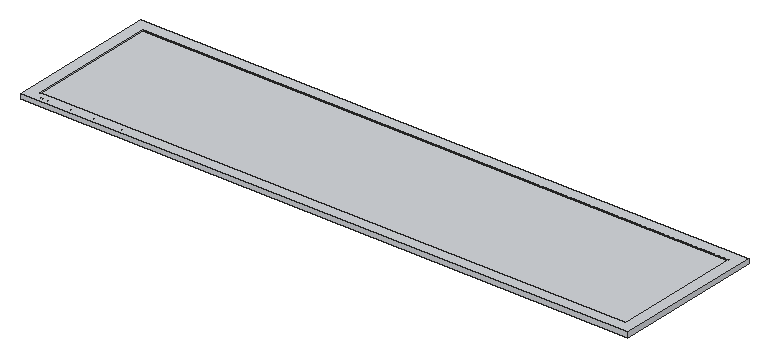
Revit family "1195x295_START Panel Backlit UGR19 - Copy (3) - Copy", category Lighting Fixtures, host Face, Revit 2017
Family settings
  Host = Face
  Round Connector Dimension = Use Diameter
  Part Type = Normal
  OmniClass Number = 23.80.70.00
  OmniClass Title = Lighting
  Cut with Voids When Loaded = No
  Light Source = Yes
  Shared = No
  Room Calculation Point = No
Parameters (values of type "0042198")
  Weight = "127.245 kg"
  Wattage Comments = ""
  Wattage = 36 W
  WarrantyStartDate [instance] = "n/a"
  WarrantyGuarantorParts = "n/a"
  WarrantyDurationUnit = "n/a"
  WarrantyDurationParts = "n/a"
  WarrantyDescription = "n/a"
  WIDTH_SYL = 147.5 mm
  built-in parameter 1150110 = 1 (stored number, unit not read)
  Voltage = 0 V
  URL = "http://www.sylvania-lighting.com\\0042198"
  TypeName = "START Panel UGR19 1200x300 3600Lm 830 LILO"
  Type Image = <None>
  Type Comments = "n/a"
  built-in parameter 1114217 = 1 (stored number, unit not read)
  Tilt Angle = -90.00°
  built-in parameter 1150109 = 1 (stored number, unit not read)
  built-in parameter 1150134 = (empty or 0)
  TOP__WIDTH_SYL = 545 mm
  TOP_WIDTH_SYL = 265 mm
  TOP_DEPTH_SYL = 95 mm
  built-in parameter 1150113 = 1 (stored number, unit not read)
  SerialNumber [instance] = "n/a"
  Photometric Web File = "0042198.ies"
  Material_3_SYL = none
  PowerFactor = 0.9
  PowerConsumption = "36 W"
  NominalLength = 1195 mm
  NominalHeight = 35 mm
  NominalDepth = 295 mm
  Name = "START Panel UGR19 1200x300 3600Lm 830 LILO"
  ModelReference = Name  # "START Panel UGR19 1200x300 3600Lm 830 LILO"
  ModelNumber = "0042198"
  Model = Name  # "START Panel UGR19 1200x300 3600Lm 830 LILO"
  Material = "aluminium,steel housing, other diffuser"
  ManufacturerName = "Feilo Sylvania"
  Manufacturer = "Feilo Sylvania"
  MAINHEIGHT_SYL = 63 mm
  LuminousEfficacy = "100 lm/W"
  built-in parameter 1150105 = 425.54 (stored number, unit not read)
  Lumens = 5347.51 lm
  LuminaireType = ""
  built-in parameter 1150115 = 1 (stored number, unit not read)
  LightOutputRatio = "n/a"
  built-in parameter 1150137 = (empty or 0)
  built-in parameter 1150139 = (empty or 0)
  LampsType = Lamp  # "LED"
  LampNominalLuminous = "3600 lm"
  LampMacAdamStep = "6"
  LampColourTemperature = "3000 K"
  LampColourRenderingIndex = "80"
  built-in parameter 1150112 = 1 (stored number, unit not read)
  built-in parameter 1150114 = 1 (stored number, unit not read)
  Lamp = "LED"
  LUMWIDTH_SYL = 576.5 mm
  LUMDEPTH_SYL = 126.5 mm
  Keynote = "16500"
  InstallationDate [instance] = "n/a"
  InputVoltage = "n/a"
  InputNominalFrequency = "n/a"
  built-in parameter 1150132 = (empty or 0)
  built-in parameter 1150102 = (empty or 0)
  built-in parameter 1150107 = 3000 (stored number, unit not read)
  built-in parameter 1150138 = (empty or 0)
  IngressProtection = "IP40/20"
  ImpactProtectionIndex = "IK03"
  built-in parameter 1150106 = 4.2554 (stored number, unit not read)
  IfcExportType = "IfcLightFixtureType"
  IfcExportAs = ""
  HEIGHT_SYL = 33 mm
  HEIGHTBOTT_SYL = 7 mm
  Emit from Circle Diameter = 609.6 mm
  Emit Shape Visible in Rendering = no
  ElectricShockClassification = "Class II"
  built-in parameter 1150104 = 13.8 (stored number, unit not read)
  DocumentationLiterature = "http://www.sylvania-lighting.com/product/en-int/products/0042198"
  DimmingControlOptions = ""
  Material_2_SYL = none
  Dimming Lamp Color Temperature Shift = <None>
  Description = ""
  Default Elevation = 1219.2 mm
  DEPTH_SYL = 597.5 mm
  CreatedOn = "7/6/2020"
  CreatedBy = "@sylvania-lighting.com"
  Cost = 0
  Color Filter = 16777215
  built-in parameter 1114216 [instance] = (empty or 0)
  ClassificationValue = "EF_70_80"
  ClassificationName = "Uniclass2015"
  Material_1_SYL = none
  BarCode [instance] = "n/a"
  built-in parameter 1114218 = 1 (stored number, unit not read)
  BOX_WIDTH_SYL = 40 mm
  built-in parameter 1150133 = 10 (stored number, unit not read)
  AssetType = "Fixed"
  AssetIdentifier [instance] = "n/a"
  Assembly Code = "D5020200"
  Apparent Load = 36 VA
  Material_4_SYL = none
  -LUMDEPTH_SYL = LUMDEPTH_SYL * (-1)  # -126.5 mm
  -BOX_WIDTH_SYL = BOX_WIDTH_SYL * (-1)  # -40 mm
Reference planes
  plane 1 "Center (Front/Back)": y = 0
  plane 2: z = 0
  plane 3 "Center (Left/Right)": x = 0
  plane 4: z = -33
  plane 5: z = -7
  plane 6: z = -63
  plane 7: x = 597.5
  plane 8: x = -597.5
  plane 9: y = 147.5
  plane 10: y = -147.5
  plane 11: x = 576.5
  plane 12: x = -576.5
  plane 13: y = -126.5
  plane 14: y = 126.5
  plane 15: y = -265
  plane 16: y = 265
  plane 17: x = -40
  plane 18: x = 40
  plane 19: x = 0
  plane 20: x = -545
  plane 21: x = 545
  plane 22: y = -95
  plane 23: y = 95
Forms (mm)
  Extrusion 1, solid
    sketch origin (0, 0, 0) x (1, 0, 0) y (0, 1, 0)
      loop
        line (-597.5, 147.5) -> (-597.5, -147.5) -> (597.5, -147.5) -> (597.5, 147.5) -> (-597.5, 147.5)
    from -7 to 2
  Extrusion 2, void
    sketch origin (0, 0, 0) x (1, 0, 0) y (0, 1, 0)
      loop
        line (-576.5, 126.5) -> (-576.5, -126.5) -> (576.5, -126.5) -> (576.5, 126.5) -> (-576.5, 126.5)
    from 0 to 2
  Extrusion 3, solid
    sketch origin (0, 0, 0) x (1, 0, 0) y (0, 0, 1)
      loop
        line (-40, -33) -> (-40, -63) -> (40, -63) -> (40, -33) -> (-40, -33)
    from -40 <- "-BOX_WIDTH_SYL" to 40 <- "BOX_WIDTH_SYL"
  Extrusion 4, solid
    sketch origin (0, 0, 0) x (1, 0, 0) y (0, 0, 1)
      loop
        line (-576.5, -7) -> (-545, -33) -> (545, -33) -> (576.5, -7) -> (-576.5, -7)
    from -126.5 <- "-LUMDEPTH_SYL" to 126.5 <- "LUMDEPTH_SYL"
  Extrusion 5, void
    sketch origin (319, 1524, 1219.2) x (0, 1, 0) y (0, 0, 1)
      loop
        line (-1397.5, -1226.2) -> (-1429, -1252.2) -> (-1397.5, -1252.2) -> (-1397.5, -1226.2)
      loop
        line (-1650.5, -1226.2) -> (-1650.5, -1252.2) -> (-1619, -1252.2) -> (-1650.5, -1226.2)
    from -1000 to 1000
Cuts and joins
  Extrusion 2 cuts Extrusion 1
  Extrusion 5 cuts Extrusion 4
  joined: Extrusion 1, Extrusion 3, Extrusion 4
Dimensions and locks
  "HEIGHT_SYL": host face to plane 4
  "HEIGHTBOTT_SYL": host face to plane 5
  "MAINHEIGHT_SYL": host face to plane 6
  "DEPTH_SYL": plane 8 to plane 3 "Center (Left/Right)" to plane 7
  "WIDTH_SYL": plane 10 to plane 1 "Center (Front/Back)" to plane 9
  "LUMWIDTH_SYL": plane 12 to plane 3 "Center (Left/Right)" to plane 11
  "LUMDEPTH_SYL": plane 13 to plane 1 "Center (Front/Back)" to plane 14
  "TOP_WIDTH_SYL": plane 16 to imposter light to plane 15
  "BOX_WIDTH_SYL": plane 17 to imposter light to plane 18
  "TOP__WIDTH_SYL": plane 20 to imposter light to plane 21
  "TOP_DEPTH_SYL": plane 23 to imposter light to plane 22
  aligned and locked: plane 2 to host face
  aligned and locked: level to host face
  aligned and locked: Extrusion 1 sketch curve to plane 9
  aligned and locked: plane 8 to Extrusion 1 sketch curve
  aligned and locked: Extrusion 1 sketch curve to plane 10
  aligned and locked: Extrusion 1 sketch curve to plane 7
  aligned and locked: plane 14 to Extrusion 2 sketch curve
  aligned and locked: plane 12 to Extrusion 2 sketch curve
  aligned and locked: Extrusion 2 sketch curve to plane 13
  aligned and locked: Extrusion 2 sketch curve to plane 11
  aligned and locked: plane 4 to Extrusion 3 sketch curve
  aligned and locked: Extrusion 3 sketch curve to plane 17
  aligned and locked: Extrusion 3 sketch curve to plane 6
  aligned and locked: plane 18 to Extrusion 3 sketch curve
Automatic sketch dimensions
  host sketch curve to host sketch curve = 2438.4 mm  (x2)
  Extrusion 4 sketch curve to plane 5 = 0 mm
  Extrusion 4 sketch curve to plane 12 = 0 mm
  Extrusion 4 sketch curve to plane 4 = 0 mm
  plane 20 to Extrusion 4 sketch curve = 0 mm
  plane 21 to Extrusion 4 sketch curve = 0 mm
  Extrusion 4 sketch curve to plane 11 = 0 mm
  Extrusion 5 sketch curve to plane 13 = 0 mm
  plane 4 to Extrusion 5 sketch curve = 0 mm  (x2)
  Extrusion 5 sketch curve to plane 22 = 0 mm
  Extrusion 5 sketch curve to plane 23 = 0 mm
  Extrusion 5 sketch curve to plane 14 = 0 mm
  plane 5 to Extrusion 5 sketch curve = 0 mm  (x2)
